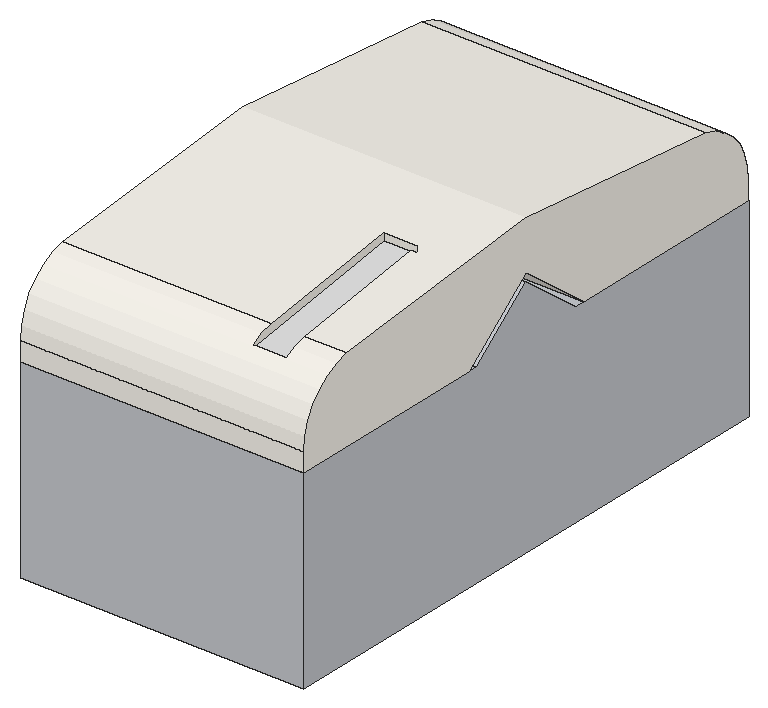
Revit family "Domotics-DomoticSolutions-GEWISS-BUS-KNX_TEMPERATURE_SENSOR", category Apparecchi elettrici, host Superficie, Revit 2016
Family settings
  Host = Superficie
  Mantenere orientamento annotazione = Sì
  Tipo di parte = Normale
  Quota connettore circolare = Usa diametro
  Taglio con vuoti quando caricato = Sì
  Condiviso = No
  Punto di calcolo locali = No
Parameters (values of type "GW14900 - Titanium")
  Vista di pianta [instance] = yes
  Version file RFA = "18.0"
  URL = "https://www.gewiss.com/ww/en"
  Type = ""
  Tipo = BUS KNX SONDE TERMOREGOLAZIONE_BASE : GW14900 - Titanio
  Technology = ""
  Technical sheet = "https://www.gewiss.com/ww/en/search?q=GW14900"
  Simbolo = SIMBOLO TERMOSTATO : KNX
  SEO = "Sensor"
  Realized by GEWISS S.p.A. = ""
  Produttore = "GEWISS S.p.A."
  Offset pulsante [instance] = 20 mm
  Offset bidimensionale [instance] = 58 mm
  No. Chorus modules: = "1"
  No. Chorus modules = "1"
  Modello = "GW14900"
  Larghezza sonda = 23 mm
  IDT = "eb8a331f-fb03-4651-b93d-be283b5d4bed"
  IDF = "93389465-b77d-4902-bf96-7a1d22c4ea34"
  Humidity sensor = ""
  Electrocod = "1434"
  EAN code = "8011564821934"
  Distanza orizzontale simbolo [instance] = 231.658 mm
  Distanza dal muro [instance] = 4.208 mm
  Default Elevation = 1219.2 mm
  Immagine tipo = GW14900.jpg
  Descrizione = "F.M.TEMPERATURE SENSOR TITANIUM"
  Cornice simbolo [instance] = yes
  Colour = "Titanium"
  Catalogue Range = "H&B AUTOMATION"
  Catalogue = "DOMOTICS"
  COBie.Tagnumber = ""
  COBie.CreatedOn = ""
  COBie.CreatebBy = ""
  COBie.ComponentRegisterItemID = ""
  COBie.Component.TagNumber = ""
  COBie.Component.Space = ""
  COBie.Component.SerialNumber = ""
  COBie.Component.InstallationDate = ""
  COBie.Component.Description = ""
  COBie.Component.BarCode = ""
Types (18, lengths in mm): name | Type | Tipo | Technology | Technical sheet | Simbolo | Offset pulsante | Modello | IDT | Humidity sensor | Electrocod | EAN code | Immagine tipo | Descrizione | Colour
  GW12762H - Black - Easy | "KNX" | BUS KNX SONDE TERMOREGOLAZIONE_BASE : GW12762H - Nero - Easy | "" | "https://www.gewiss.com/ww/en/search?q=GW12762H" | SIMBOLO TERMOSTATO : EASY | 20 | "GW12762H" | "257c26dc-8e6a-42ee-9849-734325959e85" | "Built-in" | "1434" | "8011564821989" | GW12762H.jpg | "KNX/EASY HUM./TEMP.SENSORS BLACK" | "Black"
  GW10762H - White - Easy | "KNX" | BUS KNX SONDE TERMOREGOLAZIONE_BASE : GW10762H - Bianco - Easy | "" | "https://www.gewiss.com/ww/en/search?q=GW10762H" | SIMBOLO TERMOSTATO : EASY | 50 | "GW10762H" | "fb13b782-988c-4974-bf71-477ff01fd76d" | "Built-in" | "1434" | "8011564821972" | GW10762H.jpg | "KNX/EASY HUM./TEMP.SENSORS WHITE" | "White"
  GW14762H - Titanium - Easy | "KNX" | BUS KNX SONDE TERMOREGOLAZIONE_BASE : GW14762H - Titanio - Easy | "" | "https://www.gewiss.com/ww/en/search?q=GW14762H" | SIMBOLO TERMOSTATO : EASY | 20 | "GW14762H" | "a1228e68-bfc9-4888-a4e1-65af4d3a92ba" | "Built-in" | "1434" | "8011564821996" | GW14762H.jpg | "KNX/EASY HUM./TEMP.SENSORS TITANIUM" | "Titanium"
  GW10769 - White - Easy | "KNX Easy" | BUS KNX SONDE TERMOREGOLAZIONE_BASE : GW10769 - Bianco - Easy | "KNX Easy" | "https://www.gewiss.com/ww/en/search?q=GW10769" | SIMBOLO TERMOSTATO : EASY | 50 | "GW10769" | "652a8227-7cc4-4c5f-91cc-4f6d7b5ab0f6" | "" | "1434" | "8011564785106" | GW10769.jpg | "EASY TEMPERATURE SENSOR 1M WHITE" | "White"
  GW10769H - White - Easy | "KNX Easy" | BUS KNX SONDE TERMOREGOLAZIONE_BASE : GW10769H - Bianco - Easy | "KNX Easy" | "https://www.gewiss.com/ww/en/search?q=GW10769H" | SIMBOLO TERMOSTATO : EASY | 50 | "GW10769H" | "c793c2f8-2c68-493a-a690-f4564ef9e62b" | "Built-in" | "3841" | "8011564809116" | GW10769H.jpg | "EASY HUMIDITY/TEMPERATURE SENSORS WHITE" | "White"
  GW10799 - White | "KNX" | BUS KNX SONDE TERMOREGOLAZIONE_BASE : GW10799 - Bianco | "KNX" | "https://www.gewiss.com/ww/en/search?q=GW10799" | SIMBOLO TERMOSTATO : KNX | 50 | "GW10799" | "f47a7ea0-6b53-476a-b1a4-0f6027051e16" | "" | "3841" | "8011564785014" | GW10799.jpg | "KNX TEMPERATURE SENSOR 1M WHITE" | "White"
  GW10799H - White | "KNX" | BUS KNX SONDE TERMOREGOLAZIONE_BASE : GW10799H - Bianco | "KNX" | "https://www.gewiss.com/ww/en/search?q=GW10799H" | SIMBOLO TERMOSTATO : KNX | 50 | "GW10799H" | "9bc832e6-e854-4eff-b573-c1ab0f561bb2" | "Built-in" | "3841" | "8011564809123" | GW10799H.jpg | "KNX HUMIDITY/TEMPERATURE SENSORS WHITE" | "White"
  GW10900 - White | "" | BUS KNX SONDE TERMOREGOLAZIONE_BASE : GW10900 - Bianco | "" | "https://www.gewiss.com/ww/en/search?q=GW10900" | SIMBOLO TERMOSTATO : KNX | 50 | "GW10900" | "4d96c292-ce67-42ab-b5b9-7a35f563f7c7" | "" | "1434" | "8011564821910" | GW10900.jpg | "F.M.TEMPERATURE SENSOR WHITE" | "White"
  GW12769 - Black - Easy | "KNX Easy" | BUS KNX SONDE TERMOREGOLAZIONE_BASE : GW12769 - Nero - Easy | "KNX Easy" | "https://www.gewiss.com/ww/en/search?q=GW12769" | SIMBOLO TERMOSTATO : EASY | 20 | "GW12769" | "3414662b-daeb-49ed-9329-78946a7b326e" | "" | "0144" | "8011564785113" | GW12769.jpg | "EASY TEMPERATURE SENSOR 1M BLACK" | "Black"
  GW12769H - Black | "KNX Easy" | BUS KNX SONDE TERMOREGOLAZIONE_BASE : GW12769H - Nero | "KNX Easy" | "https://www.gewiss.com/ww/en/search?q=GW12769H" | SIMBOLO TERMOSTATO : KNX | 20 | "GW12769H" | "57cfd493-638a-49ef-8199-436de18767f6" | "Built-in" | "3841" | "8011564809130" | GW12769H.jpg | "EASY HUMIDITY/TEMPERATURE SENSORS BLACK" | "Black"
  GW12799 - Black | "KNX" | BUS KNX SONDE TERMOREGOLAZIONE_BASE : GW12799 - Nero | "KNX" | "https://www.gewiss.com/ww/en/search?q=GW12799" | SIMBOLO TERMOSTATO : KNX | 20 | "GW12799" | "1e5ad406-d339-4e4f-ad01-c98f1e380802" | "" | "3841" | "8011564785021" | GW12799.jpg | "KNX TEMPERATURE SENSOR 1M BLACK" | "Black"
  GW12799H - Black | "KNX" | BUS KNX SONDE TERMOREGOLAZIONE_BASE : GW12799H - Nero | "KNX" | "https://www.gewiss.com/ww/en/search?q=GW12799H" | SIMBOLO TERMOSTATO : KNX | 20 | "GW12799H" | "dc5e3d64-c49a-4781-b258-579b62cfd5ac" | "Built-in" | "3841" | "8011564809147" | GW12799H.jpg | "KNX HUMIDITY/TEMPERATURE SENSORS BLACK" | "Black"
  GW12900 - Black | "" | BUS KNX SONDE TERMOREGOLAZIONE_BASE : GW12900 - Nero | "" | "https://www.gewiss.com/ww/en/search?q=GW12900" | SIMBOLO TERMOSTATO : KNX | 20 | "GW12900" | "aeb879b9-283d-4e55-95cf-53fde2bd3b9f" | "" | "1434" | "8011564821927" | GW12900.jpg | "F.M.TEMPERATURE SENSOR BLACK" | "Black"
  GW14769 - Titanium - Easy | "KNX Easy" | BUS KNX SONDE TERMOREGOLAZIONE_BASE : GW14769 - Titanio - Easy | "KNX Easy" | "https://www.gewiss.com/ww/en/search?q=GW14769" | SIMBOLO TERMOSTATO : EASY | 20 | "GW14769" | "0144e4e1-a609-4418-a472-b0d6d64d7f87" | "" | "0144" | "8011564785120" | GW14769.jpg | "EASY TEMPERATURE SENSOR 1M TITANIUM" | "Titanium"
  GW14769H - Titanium - Easy | "KNX Easy" | BUS KNX SONDE TERMOREGOLAZIONE_BASE : GW14769H - Titanio - Easy | "KNX Easy" | "https://www.gewiss.com/ww/en/search?q=GW14769H" | SIMBOLO TERMOSTATO : EASY | 20 | "GW14769H" | "eb82a6fa-1678-467e-89e0-7c7547899c36" | "Built-in" | "3841" | "8011564809154" | GW14769H.jpg | "EASY HUMIDITY/TEMPERATURE SENSORS TIT." | "Titanium"
  GW14799 - Titanium | "KNX" | BUS KNX SONDE TERMOREGOLAZIONE_BASE : GW14799 - Titanio | "KNX" | "https://www.gewiss.com/ww/en/search?q=GW14799" | SIMBOLO TERMOSTATO : KNX | 20 | "GW14799" | "807854fc-9ca7-40d9-986b-264961b6d20a" | "" | "3841" | "8011564785038" | GW14799.jpg | "KNX TEMPERATURE SENSOR 1M TITANIUM" | "Titanium"
  GW14799H - Titanium | "KNX" | BUS KNX SONDE TERMOREGOLAZIONE_BASE : GW14799H - Titanio | "KNX" | "https://www.gewiss.com/ww/en/search?q=GW14799H" | SIMBOLO TERMOSTATO : KNX | 20 | "GW14799H" | "2bd1fe8c-a61c-4c1f-a373-a3046faafed9" | "Built-in" | "3841" | "8011564809161" | GW14799H.jpg | "KNX HUMIDITY/TEMPERATURE SENSORS TIT." | "Titanium"
  GW14900 - Titanium | "" | BUS KNX SONDE TERMOREGOLAZIONE_BASE : GW14900 - Titanio | "" | "https://www.gewiss.com/ww/en/search?q=GW14900" | SIMBOLO TERMOSTATO : KNX | 20 | "GW14900" | "eb8a331f-fb03-4651-b93d-be283b5d4bed" | "" | "1434" | "8011564821934" | GW14900.jpg | "F.M.TEMPERATURE SENSOR TITANIUM" | "Titanium"
Reference planes
  plane 1 "Centro (Fronte/Retro)": y = 0
  plane 2: z = 0
  plane 3 "Centro (Sinistra/Destra)": x = 0
  plane 4: z = 20
  plane 5 "piano bidimensionale": z = 58
  plane 6: x = -231.658
  plane 7: x = -11.5
  plane 8: x = 11.5
Lines and regions (mm)
  Masking region 1, visible <- "Vista di pianta"
    outline origin (0, 0, 0) x (1, 0, 0) y (0, 0, 1)
      loop
        line (-11.5, 20) -> (11.5, 20) -> (11.5, 58) -> (-11.5, 58) -> (-11.5, 20)
  model lines, style "pulsanti", detail levels coarse
    curve 1: line (-11.5, 22.5, 58) -> (11.5, 22.5, 58)
    curve 2: line (-11.5, -22.5, 58) -> (-11.5, 22.5, 58)
    curve 3: line (11.5, -22.5, 58) -> (-11.5, -22.5, 58)
    curve 4: line (11.5, 22.5, 58) -> (11.5, -22.5, 58)
    curve 5: line (5.4, -6.8, 58) -> (8.1, -6.8, 58)
    curve 6: line (5.4, -20, 58) -> (5.4, -6.8, 58)
    curve 7: line (8.1, -20, 58) -> (5.4, -20, 58)
    curve 8: line (8.1, -6.8, 58) -> (8.1, -20, 58)
    curve 9: line (-6.07, 17.947, 58) -> (-6.07, 6.203, 58)
    curve 10: line (-3.864, 17.947, 58) -> (-3.864, 6.203, 58)
    curve 11: arc (-6.07, 17.947, 58) -> (-4.967, 19.05, 58) -> (-3.864, 17.947, 58) r 1.103
    curve 12: arc (-6.07, 6.203, 58) -> (-4.967, 1.79, 58) -> (-3.864, 6.203, 58) r 2.344
    curve 13: line (-2.466, 16.131, 58) -> (-0.26, 16.131, 58)
    curve 14: line (-2.466, 13.925, 58) -> (-0.26, 13.925, 58)
    curve 15: line (-2.466, 11.718, 58) -> (-0.26, 11.718, 58)
    curve 16: line (-2.466, 9.512, 58) -> (-0.26, 9.512, 58)
    curve 17: line (-9.981, 18.922, 58) -> (-9.981, 21.872, 58)
    curve 18: line (-8.922, 18.922, 58) -> (-8.922, 21.872, 58)
    curve 19: line (-7.863, 18.922, 58) -> (-7.863, 21.872, 58)
    curve 20: line (-9.981, -18.922, 58) -> (-9.981, -21.872, 58)
    curve 21: line (-8.922, -18.922, 58) -> (-8.922, -21.872, 58)
    curve 22: line (-7.863, -18.922, 58) -> (-7.863, -21.872, 58)
  model lines, style "pulsanti", not visible, detail levels coarse
    curve 23: line (-11.5, 22.5, 58) -> (11.5, 22.5, 58)
    curve 24: line (-11.5, -22.5, 58) -> (-11.5, 22.5, 58)
    curve 25: line (11.5, -22.5, 58) -> (-11.5, -22.5, 58)
    curve 26: line (11.5, 22.5, 58) -> (11.5, -22.5, 58)
    curve 27: line (5.4, -6.8, 58) -> (8.1, -6.8, 58)
    curve 28: line (5.4, -20, 58) -> (5.4, -6.8, 58)
    curve 29: line (8.1, -20, 58) -> (5.4, -20, 58)
    curve 30: line (8.1, -6.8, 58) -> (8.1, -20, 58)
    curve 31: line (-6.07, 17.947, 58) -> (-6.07, 6.203, 58)
    curve 32: line (-3.864, 17.947, 58) -> (-3.864, 6.203, 58)
    curve 33: arc (-6.07, 17.947, 58) -> (-4.967, 19.05, 58) -> (-3.864, 17.947, 58) r 1.103
    curve 34: arc (-6.07, 6.203, 58) -> (-4.967, 1.79, 58) -> (-3.864, 6.203, 58) r 2.344
    curve 35: line (-2.466, 16.131, 58) -> (-0.26, 16.131, 58)
    curve 36: line (-2.466, 13.925, 58) -> (-0.26, 13.925, 58)
    curve 37: line (-2.466, 11.718, 58) -> (-0.26, 11.718, 58)
    curve 38: line (-2.466, 9.512, 58) -> (-0.26, 9.512, 58)
    curve 39: line (-9.981, 18.922, 58) -> (-9.981, 21.872, 58)
    curve 40: line (-8.922, 18.922, 58) -> (-8.922, 21.872, 58)
    curve 41: line (-7.863, 18.922, 58) -> (-7.863, 21.872, 58)
    curve 42: line (-9.981, -18.922, 58) -> (-9.981, -21.872, 58)
    curve 43: line (-8.922, -18.922, 58) -> (-8.922, -21.872, 58)
    curve 44: line (-7.863, -18.922, 58) -> (-7.863, -21.872, 58)
Dimensions and locks
  "Offset pulsante": plane 4 to host face
  "Offset bidimensionale": plane 5 "piano bidimensionale" to plane 2
  "Distanza orizzontale simbolo": plane 6 to plane 3 "Centro (Sinistra/Destra)"
  equal spacing: plane 7, plane 3 "Centro (Sinistra/Destra)", plane 8
  "Larghezza sonda": plane 7 to plane 8
  locked: plane 4 to Masking region 1 at 38
  aligned and locked: plane 2 to host face
  aligned and locked: level to host face
  aligned and locked: nested 1 to plane 4
  aligned and locked: Masking region 1 sketch curve to nested 1
  aligned and locked: plane 6 to nested 2
Automatic sketch dimensions
  host sketch curve to host sketch curve = 2438.4 mm  (x2)
  plane 5 "piano bidimensionale" to Masking region 1 sketch curve = 0 mm
  Masking region 1 sketch curve to plane 8 = 0 mm
  Masking region 1 sketch curve to plane 4 = 0 mm
Nested families
  nested 1: "BUS KNX SONDE TERMOREGOLAZIONE_BASE" at (0, 0, 20), type <- "Tipo", type "GW14900 - Titanio"
  nested 2: "SIMBOLO TERMOSTATO" at (-231.658, 172.093, 0), Distanza dal muro <- "Distanza dal muro", BORDO ACCESO <- "Cornice simbolo", type <- "Simbolo", type "KNX"
    with Distanza dal muro 4.208 mm, BORDO ACCESO yes
Connectors
  electrical at (0, 0, 20)
    settings: on nested 1, index 1, voltage 0 V, apparent load 0 VA, apparent load phase1 0 VA, apparent load phase2 0 VA, apparent load phase3 0 VA, power factor 1, load classification "Other", number of poles 1, system type 31, power factor state 1, is connector primary yes, connector utility no, sub classification motor no, connector description ""
Definition of nested family "BUS KNX SONDE TERMOREGOLAZIONE_BASE"
  Parameters (values of type "GW14900 - Titanio")
    Vetrino = none
    Supporto = none
    Pulsante = none
    Profondità suporto = 15.673 mm
    Larghezza pulsante = 23 mm
    Bidimensionale = 36.4 mm
    Altezza pulsante = 45 mm
  Types (18, lengths in mm): name | Bidimensionale
    GW12762H - Nero - Easy | 36.414
    GW12769 - Nero - Easy | 36.414
    GW12769H - Nero | 36.414
    GW14762H - Titanio - Easy | 36.414
    GW14769 - Titanio - Easy | 36.414
    GW14769H - Titanio - Easy | 36.4
    GW10762H - Bianco - Easy | 36.414
    GW10769 - Bianco - Easy | 36.414
    GW10769H - Bianco - Easy | 36.414
    GW10799 - Bianco | 36.414
    GW10799H - Bianco | 36.414
    GW10900 - Bianco | 36.414
    GW12799 - Nero | 36.414
    GW12799H - Nero | 36.414
    GW12900 - Nero | 36.414
    GW14799 - Titanio | 36.4
    GW14799H - Titanio | 36.4
    GW14900 - Titanio | 36.4
  Reference planes
    plane 1 "Centro (Fronte/Retro)": y = 0
    plane 2: z = 0
    plane 3 "Centro (Sinistra/Destra)": x = 0
    plane 4: y = -22.5
    plane 5: y = 22.5
    plane 6: x = -11.5
    plane 7: x = 11.5
    plane 8: z = 15.673
    plane 9 "PIANO BIDIMENSIONALE": z = 36.4
  Forms (mm)
    Extrusion 1, solid, material <- "Supporto", detail levels medium+fine
      sketch origin (0, 0, 0) x (0, 1, 0) y (0, 0, 1)
        loop
          line (-22.5, 0) -> (22.5, 0) -> (22.5, 15.673) -> (5, 15.673) -> (0, 19.673) -> (-5, 15.673) -> (-22.5, 15.673) -> (-22.5, 0)
      from -11.5 to 11.5
    Extrusion 2, solid, material <- "Pulsante", detail levels medium+fine
      sketch origin (0, 0, 0) x (0, 1, 0) y (0, 0, 1)
        loop
          line (-22.5, 15.673) -> (-5.8, 15.673) -> (0, 20.313) -> (5.8, 15.673) -> (22.5, 15.673) -> (22.5, 17.207)
          arc (22.5, 17.207) -> (21.286, 20.607) -> (18.194, 22.47) r 5.368
          arc (18.194, 22.47) -> (0, 24.288) -> (-18.194, 22.47) r 91.935
          arc (-18.194, 22.47) -> (-21.286, 20.607) -> (-22.5, 17.207) r 5.368
          line (-22.5, 17.207) -> (-22.5, 15.673)
      from -11.5 to 11.5
    Extrusion 3, void
      sketch origin (0, 0, 0) x (0, 1, 0) y (0, 0, 1)
        loop
          arc (-6.8, 24.76) -> (-12.521, 23.735) -> (-18.194, 22.47) r 137.99
          arc (-18.194, 22.47) -> (-19.13, 22.19) -> (-20, 21.745) r 5.368
          line (-20, 21.745) -> (-20, 20.538)
          arc (-20, 20.538) -> (-13.436, 21.767) -> (-6.8, 22.511) r 90.935
          line (-6.8, 22.511) -> (-6.8, 24.76)
      from 5.4 to 8.1
    Extrusion 4, solid, material <- "Vetrino", detail levels medium+fine
      sketch origin (0, 0, 0) x (0, 1, 0) y (0, 0, 1)
        loop
          line (-6.8, 22.511) -> (-6.8, 23.513)
          arc (-6.8, 23.513) -> (-13.435, 22.778) -> (-20, 21.563) r 91.935
          line (-20, 21.563) -> (-20, 20.538)
          arc (-20, 20.538) -> (-13.436, 21.767) -> (-6.8, 22.511) r 90.935
      from 5.4 to 8.1
    Extrusion 5, solid, material <- "Pulsante", not visible, detail levels medium+fine
      sketch origin (0, 0, 0) x (0, 1, 0) y (0, 0, 1)
        loop
          line (-22.5, 15.673) -> (-5.8, 15.673) -> (0, 20.313) -> (6.657, 17.02) -> (22.519, 20.482) -> (22.148, 22.183)
          arc (22.148, 22.183) -> (19.948, 25.458) -> (16.125, 26.433) r 5.53
          arc (16.125, 26.433) -> (-1.159, 25.53) -> (-18.194, 22.47) r 137.99
          arc (-18.194, 22.47) -> (-21.286, 20.607) -> (-22.5, 17.207) r 5.368
          line (-22.5, 17.207) -> (-22.5, 15.673)
      from -11.5 to 11.5
    Extrusion 6, void, not visible, detail levels medium+fine
      sketch origin (0, 0, 0) x (0, 1, 0) y (0, 0, 1)
        loop
          arc (-20, 19.947) -> (-16.844, 20.738) -> (-13.67, 21.455) r 135.99
          line (-13.67, 21.455) -> (-13.67, 23.499)
          arc (-13.67, 23.499) -> (-15.936, 23.003) -> (-18.194, 22.47) r 137.99
          arc (-18.194, 22.47) -> (-19.13, 22.19) -> (-20, 21.745) r 5.368
          line (-20, 21.745) -> (-20, 19.947)
      from 3.779 to 10.113
    Extrusion 7, solid, material <- "Pulsante", not visible, detail levels medium+fine
      sketch origin (0, -125, 0) x (0, 1, 0) y (0, 0, 1)
        loop
          line (-22.5, 15.673) -> (-5.8, 15.673) -> (0, 20.313) -> (6.657, 17.02) -> (22.519, 20.482) -> (22.148, 22.183)
          arc (22.148, 22.183) -> (19.948, 25.458) -> (16.125, 26.433) r 5.53
          arc (16.125, 26.433) -> (-1.159, 25.53) -> (-18.194, 22.47) r 137.99
          arc (-18.194, 22.47) -> (-21.286, 20.607) -> (-22.5, 17.207) r 5.368
          line (-22.5, 17.207) -> (-22.5, 15.673)
      from -11.5 to 11.5
    Extrusion 8, void, not visible
      sketch origin (0, -125, 0) x (0, 1, 0) y (0, 0, 1)
        loop
          arc (-6.8, 24.76) -> (-12.521, 23.735) -> (-18.194, 22.47) r 137.99
          arc (-18.194, 22.47) -> (-19.13, 22.19) -> (-20, 21.745) r 5.368
          line (-20, 21.745) -> (-20, 19.947)
          arc (-20, 19.947) -> (-13.435, 21.505) -> (-6.8, 22.735) r 135.99
          line (-6.8, 22.735) -> (-6.8, 24.76)
      from 5.4 to 8.1
    Extrusion 9, solid, material <- "Vetrino", not visible, detail levels medium+fine
      sketch origin (0, -125, 0) x (0, 1, 0) y (0, 0, 1)
        loop
          arc (-20, 19.947) -> (-13.435, 21.505) -> (-6.8, 22.735) r 135.99
          line (-6.8, 22.735) -> (-6.8, 23.748)
          arc (-6.8, 23.748) -> (-13.434, 22.527) -> (-20, 20.98) r 136.99
          line (-20, 20.98) -> (-20, 19.947)
      from 5.4 to 8.1
  Cuts and joins
    Extrusion 3 cuts Extrusion 2
  Lines and regions (mm)
    Masking region 1, not visible
      outline origin (40.306, 0, 36.414) x (-1, 0, 0) y (0, -1, 0)
        loop
          line (51.806, -22.5) -> (51.806, 22.5) -> (28.806, 22.5) -> (28.806, -22.5) -> (51.806, -22.5)
        loop
          line (34.906, 6.8) -> (34.906, 20) -> (32.206, 20) -> (32.206, 6.8) -> (34.906, 6.8)
    Masking region 2, not visible
      outline origin (40.306, 0, 36.414) x (-1, 0, 0) y (0, -1, 0)
        loop
          line (34.906, 6.8) -> (34.906, 20) -> (32.206, 20) -> (32.206, 6.8) -> (34.906, 6.8)
    Masking region 3, not visible
      outline origin (0, 0, 36.414) x (-1, 0, 0) y (0, -1, 0)
        loop
          line (51.806, -22.5) -> (51.806, 22.5) -> (28.806, 22.5) -> (28.806, -22.5) -> (51.806, -22.5)
        loop
          line (36.528, 13.67) -> (36.528, 20.004) -> (30.193, 20.004) -> (30.193, 13.67) -> (36.528, 13.67)
    Masking region 4, not visible
      outline origin (0, 0, 36.414) x (-1, 0, 0) y (0, -1, 0)
        loop
          line (36.528, 13.67) -> (36.528, 20.004) -> (30.193, 20.004) -> (30.193, 13.67) -> (36.528, 13.67)
    Masking region 5
      outline origin (0, 0, 36.4) x (-1, 0, 0) y (0, -1, 0)
        loop
          line (11.5, -22.5) -> (11.5, 22.5) -> (-11.5, 22.5) -> (-11.5, -22.5) -> (11.5, -22.5)
        loop
          line (-5.4, 20) -> (-8.1, 20) -> (-8.1, 6.8) -> (-5.4, 6.8) -> (-5.4, 20)
    Masking region 6
      outline origin (0, 0, 36.4) x (-1, 0, 0) y (0, -1, 0)
        loop
          line (-5.4, 6.8) -> (-5.4, 20) -> (-8.1, 20) -> (-8.1, 6.8) -> (-5.4, 6.8)
  Dimensions and locks
    equal spacing: plane 4, plane 1 "Centro (Fronte/Retro)", plane 5
    plane 4 to plane 5 = 45 mm
    equal spacing: plane 6, plane 3 "Centro (Sinistra/Destra)", plane 7
    "Larghezza pulsante": plane 6 to plane 7
    equal spacing: plane 5, plane 1 "Centro (Fronte/Retro)", plane 4
    "Altezza pulsante": plane 5 to plane 4
    "Profondità suporto": plane 8 to plane 2
    "Bidimensionale": plane 9 "PIANO BIDIMENSIONALE" to level
    aligned and locked: level to plane 2
    aligned and locked: Extrusion 1 sketch curve to plane 4
    aligned and locked: plane 5 to Extrusion 1 sketch curve
    aligned and locked: Extrusion 1 sketch curve to plane 2
    aligned and locked: Extrusion 1 to plane 6
    aligned and locked: plane 7 to Extrusion 1
    aligned and locked: Extrusion 3 sketch curve to Extrusion 4
  Automatic sketch dimensions
    Masking region 1 sketch curve to Masking region 1 sketch curve = 3.4 mm
    Masking region 1 sketch curve to Masking region 1 sketch curve = 2.7 mm
    Masking region 2 sketch curve to Masking region 2 sketch curve = 2.7 mm
    Masking region 1 sketch curve to Masking region 1 sketch curve = 23 mm
    Masking region 1 sketch curve to Masking region 1 sketch curve = 29.3 mm
    Masking region 1 sketch curve to Masking region 1 sketch curve = 13.2 mm
    Masking region 1 sketch curve to Masking region 1 sketch curve = 2.5 mm
    Masking region 2 sketch curve to Masking region 2 sketch curve = 13.2 mm
    Masking region 3 sketch curve to Masking region 3 sketch curve = 1.387 mm
    Masking region 3 sketch curve to Masking region 3 sketch curve = 6.335 mm  (x2)
    Masking region 3 sketch curve to Masking region 3 sketch curve = 23 mm
    Masking region 4 sketch curve to Masking region 4 sketch curve = 6.335 mm  (x2)
    Masking region 3 sketch curve to Masking region 3 sketch curve = 36.17 mm
    Masking region 3 sketch curve to Masking region 3 sketch curve = 2.496 mm
    Extrusion 4 sketch curve to Extrusion 4 sketch curve = 1.003 mm
    plane 8 to Extrusion 1 sketch curve = 0 mm  (x2)
    Extrusion 1 sketch curve to plane 1 "Centro (Fronte/Retro)" = 0 mm
    Extrusion 1 sketch curve to plane 1 "Centro (Fronte/Retro)" = 5 mm
    Extrusion 1 sketch curve to plane 8 = 4 mm
    Extrusion 3 sketch curve to Extrusion 3 sketch curve = 43.38 mm
    Extrusion 3 sketch curve to Extrusion 3 sketch curve = 3.331 mm
    Extrusion 3 sketch curve to Extrusion 3 sketch curve = 1.207 mm
    Extrusion 3 sketch curve to Extrusion 3 sketch curve = 2.25 mm
    Extrusion 3 sketch curve to Extrusion 3 sketch curve = 2.868 mm
    Extrusion 3 sketch curve to Extrusion 3 sketch curve = 10.332 mm
    Extrusion 5 sketch curve to Extrusion 5 sketch curve = 1.243 mm
    Extrusion 6 sketch curve to Extrusion 6 sketch curve = 1.754 mm
    Extrusion 6 sketch curve to Extrusion 6 sketch curve = 0 mm  (x4)
    Extrusion 5 sketch curve to Extrusion 5 sketch curve = 5.368 mm
    Extrusion 5 sketch curve to Extrusion 5 sketch curve = 11.331 mm
    Extrusion 5 sketch curve to Extrusion 5 sketch curve = 5.8 mm
    Extrusion 5 sketch curve to Extrusion 5 sketch curve = 6.657 mm
    Extrusion 5 sketch curve to Extrusion 5 sketch curve = 8.016 mm
    Extrusion 5 sketch curve to Extrusion 5 sketch curve = 10.103 mm
    Extrusion 5 sketch curve to Extrusion 5 sketch curve = 5.388 mm
    Extrusion 5 sketch curve to Extrusion 5 sketch curve = 0.371 mm
    Extrusion 5 sketch curve to Extrusion 5 sketch curve = 127.222 mm
    Extrusion 5 sketch curve to Extrusion 5 sketch curve = 1.347 mm
    Extrusion 5 sketch curve to Extrusion 5 sketch curve = 1.535 mm
    Extrusion 5 sketch curve to Extrusion 5 sketch curve = 3.293 mm
    Extrusion 5 sketch curve to Extrusion 5 sketch curve = 3.462 mm
    Extrusion 5 sketch curve to Extrusion 5 sketch curve = 1.062 mm
    Extrusion 6 sketch curve to Extrusion 6 sketch curve = 2.868 mm
    Extrusion 6 sketch curve to Extrusion 6 sketch curve = 6.33 mm
    Extrusion 6 sketch curve to Extrusion 6 sketch curve = 31.805 mm
    Extrusion 6 sketch curve to Extrusion 6 sketch curve = 128.756 mm
    Extrusion 6 sketch curve to Extrusion 6 sketch curve = 2.739 mm
    Extrusion 6 sketch curve to Extrusion 6 sketch curve = 1.799 mm
    Extrusion 7 sketch curve to Extrusion 7 sketch curve = 1.243 mm
    Extrusion 9 sketch curve to Extrusion 9 sketch curve = 1.013 mm
    Extrusion 9 sketch curve to Extrusion 9 sketch curve = 0 mm  (x4)
    Extrusion 7 sketch curve to Extrusion 7 sketch curve = 5.368 mm
    Extrusion 7 sketch curve to Extrusion 7 sketch curve = 11.331 mm
    Extrusion 7 sketch curve to Extrusion 7 sketch curve = 5.8 mm
    Extrusion 7 sketch curve to Extrusion 7 sketch curve = 6.657 mm
    Extrusion 7 sketch curve to Extrusion 7 sketch curve = 8.016 mm
    Extrusion 7 sketch curve to Extrusion 7 sketch curve = 10.103 mm
    Extrusion 7 sketch curve to Extrusion 7 sketch curve = 5.388 mm
    Extrusion 7 sketch curve to Extrusion 7 sketch curve = 0.371 mm
    Extrusion 7 sketch curve to Extrusion 7 sketch curve = 127.222 mm
    Extrusion 7 sketch curve to Extrusion 7 sketch curve = 1.347 mm
    Extrusion 7 sketch curve to Extrusion 7 sketch curve = 1.535 mm
    Extrusion 7 sketch curve to Extrusion 7 sketch curve = 3.293 mm
    Extrusion 7 sketch curve to Extrusion 7 sketch curve = 3.462 mm
    Extrusion 7 sketch curve to Extrusion 7 sketch curve = 1.062 mm
    Extrusion 9 sketch curve to Extrusion 9 sketch curve = 13.2 mm
    Extrusion 9 sketch curve to Extrusion 9 sketch curve = 34.673 mm
    Extrusion 9 sketch curve to Extrusion 9 sketch curve = 131.496 mm
    Extrusion 8 sketch curve to Extrusion 8 sketch curve = 0 mm  (x4)
    Extrusion 8 sketch curve to Extrusion 8 sketch curve = 2.739 mm
    Extrusion 8 sketch curve to Extrusion 8 sketch curve = 1.799 mm
    Extrusion 8 sketch curve to Extrusion 8 sketch curve = 2.025 mm
    Extrusion 8 sketch curve to Extrusion 8 sketch curve = 2.868 mm
    Extrusion 8 sketch curve to Extrusion 8 sketch curve = 10.332 mm
    Extrusion 8 sketch curve to Extrusion 8 sketch curve = 31.805 mm
    Extrusion 8 sketch curve to Extrusion 8 sketch curve = 128.756 mm
    Extrusion 3 sketch curve to Extrusion 3 sketch curve = 14.673 mm
    Extrusion 2 sketch curve to plane 4 = 0 mm
    plane 8 to Extrusion 2 sketch curve = 0 mm  (x2)
    Extrusion 2 sketch curve to plane 1 "Centro (Fronte/Retro)" = 0 mm  (x2)
    Extrusion 2 sketch curve to plane 5 = 0 mm
    Extrusion 2 sketch curve to plane 1 "Centro (Fronte/Retro)" = 5.8 mm
    Extrusion 2 sketch curve to plane 8 = 1.535 mm
    Extrusion 2 sketch curve to Extrusion 2 sketch curve = 1.535 mm
    Extrusion 2 sketch curve to plane 8 = 4.64 mm
    Extrusion 2 sketch curve to Extrusion 2 sketch curve = 0 mm  (x2)
    Extrusion 4 sketch curve to plane 8 = 4.866 mm
    Extrusion 4 sketch curve to Extrusion 4 sketch curve = 0 mm  (x3)
    Extrusion 4 sketch curve to plane 1 "Centro (Fronte/Retro)" = 0 mm
    Extrusion 4 sketch curve to Extrusion 4 sketch curve = 1.025 mm
    plane 1 "Centro (Fronte/Retro)" to Extrusion 1 sketch curve = 5 mm
    plane 4 to Extrusion 2 sketch curve = 5.368 mm
    plane 1 "Centro (Fronte/Retro)" to Extrusion 2 sketch curve = 5.8 mm
    Extrusion 2 sketch curve to level = 67.647 mm
    plane 1 "Centro (Fronte/Retro)" to Extrusion 3 sketch curve = 6.8 mm
    plane 1 "Centro (Fronte/Retro)" to Extrusion 4 sketch curve = 6.8 mm
    Extrusion 4 sketch curve to Extrusion 4 sketch curve = 13.2 mm
    Masking region 5 sketch curve to plane 5 = 0 mm
    Masking region 5 sketch curve to plane 7 = 0 mm
    Masking region 5 sketch curve to plane 6 = 0 mm
    Masking region 5 sketch curve to plane 4 = 0 mm
    Masking region 5 sketch curve to plane 7 = 3.4 mm
    Masking region 5 sketch curve to Masking region 5 sketch curve = 2.7 mm
    plane 1 "Centro (Fronte/Retro)" to Masking region 5 sketch curve = 6.8 mm
    plane 4 to Masking region 5 sketch curve = 2.5 mm
    Masking region 6 sketch curve to plane 7 = 3.4 mm
    Masking region 6 sketch curve to Masking region 6 sketch curve = 2.7 mm
    plane 1 "Centro (Fronte/Retro)" to Masking region 6 sketch curve = 6.8 mm
    plane 4 to Masking region 6 sketch curve = 2.5 mm
Definition of nested family "SIMBOLO TERMOSTATO"
  Parameters (values of type "KNX")
    Simbolo = SIMBOLO TERMOSTATO_BASE : KNX
    Distanza dal muro [instance] = 4.208 mm
    BORDO ACCESO [instance] = yes
  Types (2, lengths in mm): name | Simbolo
    EASY | SIMBOLO TERMOSTATO_BASE : EASY
    KNX | SIMBOLO TERMOSTATO_BASE : KNX
  Reference planes
    plane 1: y = 0
    plane 2: x = 0
  Dimensions and locks
    "Distanza dal muro": plane 1 to nested 1
    aligned and locked: plane 2 to nested 1
  Nested families
    nested 1: "SIMBOLO TERMOSTATO_BASE" at (0, 4.208, 0), BORDO ACCESO <- "BORDO ACCESO", type <- "Simbolo", type "KNX"
      with BORDO ACCESO yes
  Definition of nested family "SIMBOLO TERMOSTATO_BASE"
    Parameters (values of type "EASY")
      KNX = no
      GRADI = "°C"
      EASY TXT = yes
      EASY = "E"
      Distanza dal muro = 4.208 mm
      BORDO ACCESO [instance] = yes
    Types (2, lengths in mm): name | KNX | EASY TXT
      KNX | yes | no
      EASY | no | yes
    Reference planes
      plane 1: y = 0
      plane 2: x = 0
    Lines and regions (mm)
      detail lines, visible <- "BORDO ACCESO"
        curve 1: line (-1.9, 5, 0) -> (1.9, 5, 0)
        curve 2: line (1.9, 5, 0) -> (1.9, 0, 0)
        curve 3: line (1.9, 0, 0) -> (-1.9, 0, 0)
        curve 4: line (-1.9, 0, 0) -> (-1.9, 5, 0)
        curve 40: line (-1.7, 4.8, 0) -> (1.7, 4.8, 0)
        curve 41: line (-1.7, 0.2, 0) -> (-1.7, 4.8, 0)
        curve 42: line (1.7, 0.2, 0) -> (-1.7, 0.2, 0)
        curve 43: line (1.7, 4.8, 0) -> (1.7, 0.2, 0)
      detail lines, visible <- "BORDO ACCESO", not visible
        curve 5: line (-2.443, 10.208, 0) -> (2.057, 10.208, 0)
        curve 6: line (2.057, 10.208, 0) -> (2.057, 4.208, 0)
        curve 7: line (2.057, 4.208, 0) -> (-2.443, 4.208, 0)
        curve 8: line (-2.443, 4.208, 0) -> (-2.443, 10.208, 0)
        curve 9: line (-2.043, 9.808, 0) -> (1.657, 9.808, 0)
        curve 10: line (1.657, 9.808, 0) -> (1.657, 4.608, 0)
        curve 11: line (1.657, 4.608, 0) -> (-2.043, 4.608, 0)
        curve 12: line (-2.043, 4.608, 0) -> (-2.043, 9.808, 0)
      detail lines
        curve 13: arc (0.383, 1.922, 0) -> (0.484, 1.515, 0) -> (0.586, 1.922, 0) r 0.216
        curve 14: arc (0.383, 3.344, 0) -> (0.484, 3.445, 0) -> (0.586, 3.344, 0) r 0.102
        curve 15: line (0.586, 3.344, 0) -> (0.586, 1.922, 0)
        curve 16: line (0.383, 1.922, 0) -> (0.383, 3.344, 0)
        curve 17: line (0.383, 3.242, 0) -> (0.586, 3.242, 0)
        curve 18: line (0.586, 3.039, 0) -> (0.383, 3.039, 0)
        curve 19: line (0.586, 2.836, 0) -> (0.383, 2.836, 0)
        curve 20: line (0.586, 2.633, 0) -> (0.383, 2.633, 0)
        curve 21: line (0.586, 2.429, 0) -> (0.383, 2.429, 0)
        curve 22: line (0.586, 2.226, 0) -> (0.383, 2.226, 0)
        curve 23: line (-0.922, 1.27, 0) -> (-0.922, 3.728, 0)
        curve 24: line (-1.536, 3.728, 0) -> (1.536, 3.728, 0)
        curve 25: line (1.536, 3.728, 0) -> (1.536, 1.27, 0)
        curve 26: line (1.536, 1.27, 0) -> (-1.536, 1.27, 0)
        curve 27: line (-1.536, 1.27, 0) -> (-1.536, 3.728, 0)
      detail lines, visible <- "EASY TXT"
        curve 28: line (-1.337, 3.446, 0) -> (-1.337, 1.891, 0)
        curve 29: line (-1.122, 3.446, 0) -> (-1.122, 1.891, 0)
        curve 30: line (-1.444, 3.339, 0) -> (-1.229, 3.554, 0)
        curve 31: line (-1.229, 3.554, 0) -> (-1.014, 3.339, 0)
        curve 32: line (-1.444, 1.999, 0) -> (-1.229, 1.783, 0)
        curve 33: line (-1.229, 1.783, 0) -> (-1.014, 1.999, 0)
      detail lines, visible <- "KNX"
        curve 34: line (-1.337, 3.446, 0) -> (-1.337, 1.552, 0)
        curve 35: line (-1.122, 3.446, 0) -> (-1.122, 1.552, 0)
        curve 36: line (-1.444, 3.339, 0) -> (-1.229, 3.554, 0)
        curve 37: line (-1.229, 3.554, 0) -> (-1.014, 3.339, 0)
        curve 38: line (-1.444, 1.659, 0) -> (-1.229, 1.444, 0)
        curve 39: line (-1.229, 1.444, 0) -> (-1.014, 1.659, 0)
    Text (mm)
      label "°C" at (-0.195, 2.449, 0), shows "GRADI"
      label "EASY" at (-1.223, 1.537, 0), shows "EASY", visible <- "EASY TXT"
    Dimensions and locks
      aligned and locked: curve 3 to plane 1
